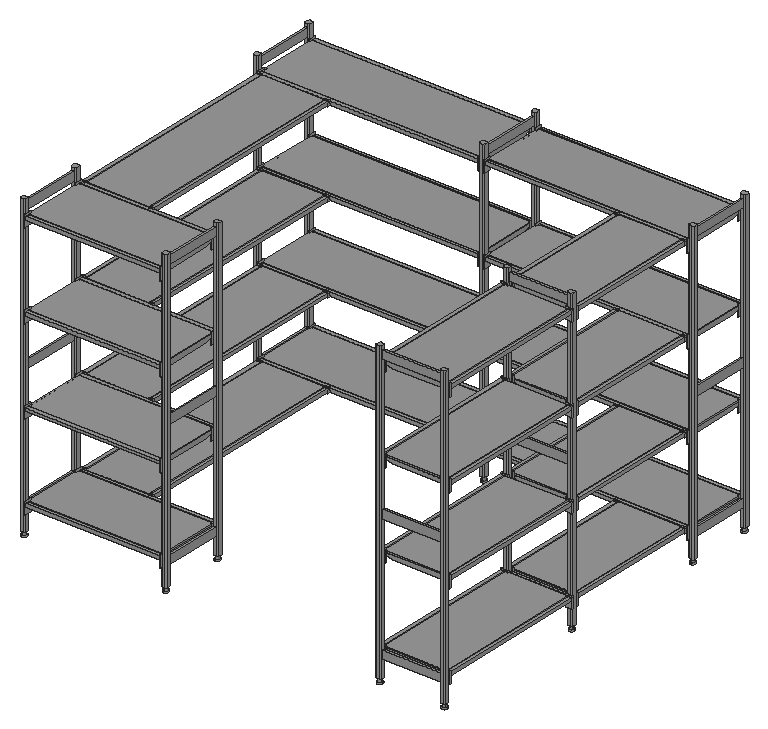
Revit family "QF_ELECTROLUXPROFESSIONAL_137102_CRS2420", category Attrezzature speciali, Revit 2020 (continued)
Definition of nested family "QF_708"
  Lines and regions (mm)
    symbolic lines
      curve 7: line (327, 23, 1700) -> (327, -12.993, 1700)
      curve 8: line (327, -12.993, 1700) -> (323, -12.993, 1700)
      curve 9: line (327, -350, 1700) -> (327, -314.007, 1700)
      curve 10: line (327, -314.007, 1700) -> (323, -314.007, 1700)
      curve 11: line (-385, -12.993, 1700) -> (-385, -314.007, 1700)
      curve 12: line (-385, -331, 1700) -> (323, -331, 1700)
      curve 13: line (323, -12.993, 1700) -> (323, -314.007, 1700)
  Dimensions and locks
    locked: plane 3 "LEFT" to plane 4 "RIGHT" at 772
    equal spacing: plane 3 "LEFT", plane 2 "Center (Left/Right)", plane 4 "RIGHT"
    locked: plane 7 "TOP" to level at 1700
    locked: plane 5 "BACK" to plane 6 "FRONT" at 373
    locked: plane 4 "RIGHT" to plane 8 at 5
    locked: plane 9 to plane 10 at 708
    locked: plane 3 "LEFT" to plane 9 at 32
    plane 12 to plane 10 = 5 mm
    locked: plane 13 to plane 14 at 310
    equal spacing: plane 13, plane 11 "Center (Front/Back)", plane 14
    equal spacing: plane 5 "BACK", plane 11 "Center (Front/Back)", plane 6 "FRONT"
    plane 15 "FEET" to level = 25 mm
    plane 7 "TOP" to plane 15 "FEET" = 1675 mm
    plane 17 to plane 16 = 450 mm
    plane 18 to plane 17 = 450 mm
    plane 19 to plane 18 = 450 mm
    locked: plane 3 "LEFT" to plane 20 "CXLeft" at 14
    locked: plane 21 "CXRight" to plane 4 "RIGHT" at 14
    locked: plane 5 "BACK" to plane 23 "CYBack" at 17.5
    locked: plane 24 "CYFront" to plane 6 "FRONT" at 17.5
    plane 16 to level = 140 mm
    plane 17 to level = 590 mm
    plane 18 to level = 1040 mm
    plane 19 to level = 1490 mm
    aligned and locked: level to plane 1
    aligned and locked: plane 9 to Extrusion 2
    aligned and locked: Extrusion 2 to plane 10
    aligned and locked: plane 9 to Extrusion 1
    aligned and locked: Extrusion 1 to plane 10
    aligned and locked: Extrusion 1 sketch curve to Extrusion 1 sketch curve  (x2)
    aligned and locked: Extrusion 3 sketch curve to Extrusion 3 sketch curve  (x3)
    aligned and locked: Extrusion 3 to plane 12
    aligned and locked: Extrusion 3 to plane 10
    aligned and locked: plane 20 "CXLeft" to nested 1
    aligned and locked: plane 21 "CXRight" to nested 2
  Automatic sketch dimensions
    Extrusion 1 sketch curve to plane 6 "FRONT" = 0 mm  (x4)
    Extrusion 1 sketch curve to plane 5 "BACK" = 0 mm  (x4)
    plane 24 "CYFront" to Extrusion 1 sketch curve = 1.5 mm  (x2)
    plane 22 to Extrusion 1 sketch curve = 1.5 mm  (x4)
    plane 16 to Extrusion 1 sketch curve = 7.998 mm  (x2)
    Extrusion 1 sketch curve to Extrusion 1 sketch curve = 17.997 mm  (x8)
    plane 17 to Extrusion 1 sketch curve = 7.998 mm  (x2)
    plane 18 to Extrusion 1 sketch curve = 7.998 mm  (x2)
    plane 19 to Extrusion 1 sketch curve = 7.998 mm  (x2)
    plane 24 "CYFront" to Extrusion 2 sketch curve = 3.5 mm  (x4)
    plane 22 to Extrusion 2 sketch curve = 3.493 mm  (x4)
    plane 16 to Extrusion 2 sketch curve = 19.496 mm
    Extrusion 2 sketch curve to Extrusion 2 sketch curve = 6.499 mm  (x4)
    plane 17 to Extrusion 2 sketch curve = 19.496 mm
    plane 18 to Extrusion 2 sketch curve = 19.496 mm
    plane 19 to Extrusion 2 sketch curve = 19.496 mm
    plane 24 "CYFront" to Extrusion 3 sketch curve = 1.5 mm  (x4)
    Extrusion 3 sketch curve to Extrusion 3 sketch curve = 2 mm
    plane 14 to Extrusion 3 sketch curve = 3.5 mm  (x4)
    Extrusion 3 sketch curve to plane 16 = 4.006 mm
    Extrusion 3 sketch curve to Extrusion 3 sketch curve = 34 mm  (x4)
    Extrusion 3 sketch curve to plane 17 = 4.006 mm
    Extrusion 3 sketch curve to plane 18 = 4.006 mm
    Extrusion 3 sketch curve to plane 19 = 4.006 mm
    Extrusion 3 sketch curve to plane 13 = 37.5 mm  (x4)
    Extrusion 3 sketch curve to plane 13 = 3.5 mm  (x4)
    plane 22 to Extrusion 3 sketch curve = 3.493 mm  (x4)
    plane 22 to Extrusion 3 sketch curve = 1.5 mm  (x4)
    plane 16 to Extrusion 3 sketch curve = 7.998 mm  (x2)
    Extrusion 3 sketch curve to Extrusion 3 sketch curve = 11.498 mm  (x4)
    Extrusion 3 sketch curve to Extrusion 3 sketch curve = 6.499 mm  (x8)
    plane 17 to Extrusion 3 sketch curve = 7.998 mm  (x2)
    plane 18 to Extrusion 3 sketch curve = 7.998 mm  (x2)
    plane 19 to Extrusion 3 sketch curve = 7.998 mm  (x2)
    curve 6 to plane 6 "FRONT" = 0 mm
    curve 12 to plane 9 = 0 mm
    curve 12 to plane 10 = 0 mm
    curve 5 to plane 14 = 0 mm
    curve 11 to plane 9 = 0 mm
    curve 8 to plane 10 = 0 mm
    curve 4 to plane 13 = 0 mm
    curve 1 to plane 9 = 0 mm
    curve 1 to plane 10 = 0 mm
    curve 2 to plane 5 "BACK" = 0 mm
    plane 14 to curve 10 = 4.493 mm
    curve 7 to plane 13 = 4.493 mm
    curve 10 to plane 10 = 4 mm
    curve 7 to plane 10 = 4 mm
    plane 24 "CYFront" to curve 12 = 1.5 mm
    curve 5 to plane 14 = 6.254 mm
    plane 14 to curve 11 = 4.493 mm
    curve 11 to plane 13 = 4.493 mm
    plane 13 to curve 4 = 6.254 mm
    plane 22 to curve 1 = 1.5 mm
    curve 3 to plane 22 = 7.746 mm
    curve 3 to plane 5 "BACK" = 3.5 mm
    curve 5 to curve 9 = 6.254 mm
    curve 3 to curve 2 = 6.254 mm
    curve 4 to curve 7 = 6.254 mm
    plane 9 to curve 2 = 4 mm
    plane 9 to curve 6 = 4 mm
  Nested families
    nested 1: "WT_Anta373B" at (0, 0, 0), type "WT_Anta373B"
    nested 2: "WT_Anta373B" at (-62, 0, 0) x (-1, 0, 0) z (0, 0, 1), type "WT_Anta373B"
  Definition of nested family "WT_Anta373B"
    Parameters
      WidthLeft = A + 64 mm  # 772 mm
      Width = 1606 mm
      Right = WidthLeft / 2  # 386 mm
      Default Elevation = 0 mm
      Left = -WidthLeft / 2  # -386 mm
      Height = 1590 mm
      FEET = 25 mm
      E = 0 mm
      Dint = Depth - 63 mm  # 310 mm
      Dext = Depth - 8 mm  # 365 mm
      Depth = 373 mm
      DX = (WidthLeft - A) / 2  # 32 mm
      B = 798 mm
      A = 708 mm
    Reference planes
      plane 1: z = 0
      plane 2 "LEFT": x = -417
      plane 3 "BACK": y = 23
      plane 4 "FRONT": y = -350
      plane 5 "TOP": z = 1590
      plane 6 "Center (Front/Back)": y = -163.5
      plane 7: y = -8.5
      plane 8: y = -318.5
      plane 9 "FEET": z = 25
      plane 10: z = 140
      plane 11: z = 590
      plane 12: z = 1040
      plane 13: z = 1490
      plane 14 "CXLeft": x = -403
      plane 15: y = 5.5
      plane 16 "CYBack": y = 5.5
      plane 17 "CYFront": y = -332.5
      plane 18: x = -385.031
      plane 19: x = -380.031
    Forms (mm)
      Extrusion 1, solid
        sketch origin (0, 0, 0) x (1, 0, 0) y (0, 1, 0)
          loop
            line (-417, 13.246) -> (-417, -2.246) -> (-410.746, -8.5) -> (-395.254, -8.5) -> (-389, -2.246) -> (-389, 13.246) -> (-395.254, 19.5) -> (-410.746, 19.5) -> (-417, 13.246)
        from 1590 to 25
      Extrusion 2, solid
        sketch origin (-417, 0, 0) x (0, 1, 0) y (0, 0, 1)
          loop
            line (23, 111.005) -> (23, 172.993) -> (-12.993, 172.993) -> (-12.993, 111.005) -> (23, 111.005)
          loop
            line (-350, 111.005) -> (-314.007, 111.005) -> (-314.007, 172.993) -> (-350, 172.993) -> (-350, 111.005)
          loop
            line (23, 561.005) -> (23, 622.993) -> (-12.993, 622.993) -> (-12.993, 561.005) -> (23, 561.005)
          loop
            line (-350, 561.005) -> (-314.007, 561.005) -> (-314.007, 622.993) -> (-350, 622.993) -> (-350, 561.005)
          loop
            line (23, 1011.005) -> (23, 1072.993) -> (-12.993, 1072.993) -> (-12.993, 1011.005) -> (23, 1011.005)
          loop
            line (-350, 1011.005) -> (-314.007, 1011.005) -> (-314.007, 1072.993) -> (-350, 1072.993) -> (-350, 1011.005)
          loop
            line (23, 1461.005) -> (23, 1522.993) -> (-12.993, 1522.993) -> (-12.993, 1461.005) -> (23, 1461.005)
          loop
            line (-350, 1461.005) -> (-314.007, 1461.005) -> (-314.007, 1522.993) -> (-350, 1522.993) -> (-350, 1461.005)
        from 28 to 32
      Revolve 3, solid
        sketch origin (-403, 0, 0) x (0, 1, 0) y (0, 0, 1)
          loop
            line (5.5, 25) -> (5.5, 0) -> (19, 0) -> (19, 5) -> (14, 5) -> (14, 25) -> (5.5, 25)
          axis (5.5, 25) -> (5.5, 0)
        angle from 0 to 360
      Extrusion 4, solid
        sketch origin (-403, 0, 0) x (0, 1, 0) y (0, 0, 1)
          loop
            line (-8.5, 777.382) -> (-8.5, 822.374) -> (-318.5, 822.374) -> (-318.5, 777.382) -> (-8.5, 777.382)
          loop
            line (-8.5, 1527.244) -> (-8.5, 1572.236) -> (-318.5, 1572.236) -> (-318.5, 1527.244) -> (-8.5, 1527.244)
        from -5 to 5
      Revolve 5, solid
        sketch origin (-403, -627, 0) x (0, -1, 0) y (0, 0, 1)
          loop
            line (-294.5, 25) -> (-294.5, 0) -> (-281, 0) -> (-281, 5) -> (-286, 5) -> (-286, 25) -> (-294.5, 25)
          axis (-294.5, 25) -> (-294.5, 0)
        angle from 0 to 360
      Extrusion 6, solid
        sketch origin (0, -627, 0) x (1, 0, 0) y (0, 1, 0)
          loop
            line (-417, 286.754) -> (-410.746, 280.5) -> (-395.254, 280.5) -> (-389, 286.754) -> (-389, 302.246) -> (-395.254, 308.5) -> (-410.746, 308.5) -> (-417, 302.246) -> (-417, 286.754)
        from 1590 to 25
      Extrusion 7, solid
        sketch origin (-417.031, -0.022, 0) x (0, 1, 0) y (0, 0, -1)
          loop
            line (-12, -1497.998) -> (-46, -1485.994) -> (-281, -1485.994) -> (-315, -1497.998) -> (-331, -1497.998) -> (-331, -1515.994) -> (-329, -1515.994) -> (-329, -1509.496) -> (2.007, -1509.496) -> (2.007, -1515.994) -> (4, -1515.994) -> (4, -1497.998) -> (-12, -1497.998)
          loop
            line (-12, -1047.998) -> (-46, -1035.994) -> (-281, -1035.994) -> (-315, -1047.998) -> (-331, -1047.998) -> (-331, -1065.994) -> (-329, -1065.994) -> (-329, -1059.496) -> (2.007, -1059.496) -> (2.007, -1065.994) -> (4, -1065.994) -> (4, -1047.998) -> (-12, -1047.998)
          loop
            line (-12, -597.998) -> (-46, -585.994) -> (-281, -585.994) -> (-315, -597.998) -> (-331, -597.998) -> (-331, -615.994) -> (-329, -615.994) -> (-329, -609.496) -> (2.007, -609.496) -> (2.007, -615.994) -> (4, -615.994) -> (4, -597.998) -> (-12, -597.998)
          loop
            line (-12, -147.998) -> (-46, -135.994) -> (-281, -135.994) -> (-315, -147.998) -> (-331, -147.998) -> (-331, -165.994) -> (-329, -165.994) -> (-329, -159.496) -> (2.007, -159.496) -> (2.007, -165.994) -> (4, -165.994) -> (4, -147.998) -> (-12, -147.998)
        from -32 to -37
      Extrusion 8, solid
        sketch origin (-403, 0, -659.878) x (0, 1, 0) y (0, 0, 1)
          loop
            line (-8.5, 777.382) -> (-8.5, 822.374) -> (-318.5, 822.374) -> (-318.5, 777.382) -> (-8.5, 777.382)
          loop
            line (-8.5, 1437.382) -> (-8.5, 1482.374) -> (-318.5, 1482.374) -> (-318.5, 1437.382) -> (-8.5, 1437.382)
          loop
            line (-8.5, 2187.382) -> (-8.5, 2232.374) -> (-318.5, 2232.374) -> (-318.5, 2187.382) -> (-8.5, 2187.382)
        from -5 to 5
    Lines and regions (mm)
      symbolic lines
        curve 1: line (-408, -8.5, 1590) -> (-408, -318.5, 1590)
        curve 2: line (-398, -318.5, 1590) -> (-398, -8.5, 1590)
        curve 3: line (-395.254, -8.5, 1590) -> (-410.746, -8.5, 1590)
        curve 4: line (-417, -2.246, 1590) -> (-410.746, -8.5, 1590)
        curve 5: line (-417, 13.246, 1590) -> (-417, -2.246, 1590)
        curve 6: line (-410.746, 19.5, 1590) -> (-417, 13.246, 1590)
        curve 7: line (-395.254, 19.5, 1590) -> (-410.746, 19.5, 1590)
        curve 8: line (-389, 13.246, 1590) -> (-395.254, 19.5, 1590)
        curve 9: line (-395.254, -8.5, 1590) -> (-389, -2.246, 1590)
        curve 10: line (-395.254, -318.5, 1590) -> (-410.746, -318.5, 1590)
        curve 11: line (-417, -324.754, 1590) -> (-410.746, -318.5, 1590)
        curve 12: line (-410.746, -346.5, 1590) -> (-417, -340.246, 1590)
        curve 13: line (-395.254, -346.5, 1590) -> (-410.746, -346.5, 1590)
        curve 14: line (-389, -340.246, 1590) -> (-395.254, -346.5, 1590)
        curve 15: line (-395.254, -318.5, 1590) -> (-389, -324.754, 1590)
        curve 16: line (-389, -350, 1590) -> (-389, -314.007, 1590)
        curve 17: line (-389, -314.007, 1590) -> (-385, -314.007, 1590)
        curve 18: line (-389, 23, 1590) -> (-389, -12.993, 1590)
        curve 19: line (-389, -12.993, 1590) -> (-385, -12.993, 1590)
        curve 20: line (-417, -324.754, 1590) -> (-417, -340.246, 1590)
        curve 21: line (-385, -350, 1590) -> (-385, -314.007, 1590)
        curve 22: line (-385, -350, 1590) -> (-389, -350, 1590)
        curve 23: line (-385, 23, 1590) -> (-389, 23, 1590)
        curve 24: line (-385, -12.993, 1590) -> (-385, 23, 1590)
        curve 25: line (-385.031, -13.016, 1725) -> (-385.031, -314.029, 1725)
    Dimensions and locks
      "Depth": plane 3 "BACK" to plane 4 "FRONT"
      "Dint": plane 7 to plane 8
      equal spacing: plane 7, plane 6 "Center (Front/Back)", plane 8
      equal spacing: plane 3 "BACK", plane 6 "Center (Front/Back)", plane 4 "FRONT"
      plane 9 "FEET" to level = 25 mm
      plane 10 to plane 9 "FEET" = 115 mm
      plane 11 to plane 10 = 450 mm
      plane 12 to plane 11 = 450 mm
      plane 13 to plane 12 = 450 mm
      locked: plane 2 "LEFT" to plane 14 "CXLeft" at 14
      locked: plane 3 "BACK" to plane 16 "CYBack" at 17.5
      locked: plane 17 "CYFront" to plane 4 "FRONT" at 17.5
      locked: Revolve 3 sketch curve to Revolve 3 sketch curve at 8.5
      locked: Revolve 3 sketch curve to plane 16 "CYBack" at 13.5
      locked: Revolve 5 sketch curve to Revolve 5 sketch curve at 8.5
      plane 10 to level = 140 mm
      plane 11 to level = 590 mm
      plane 12 to level = 1040 mm
      plane 13 to level = 1490 mm
      "Height": plane 5 "TOP" to level
      aligned and locked: level to plane 1
      aligned and locked: curve 20 to Extrusion 6
      aligned and locked: plane 5 "TOP" to Extrusion 1
      aligned and locked: plane 5 "TOP" to Extrusion 6
      aligned and locked: Extrusion 7 sketch curve to Extrusion 7 sketch curve  (x3)
    Automatic sketch dimensions
      curve 16 to plane 4 "FRONT" = 0 mm
      curve 11 to plane 8 = 0 mm
      curve 9 to plane 7 = 0 mm
      curve 5 to plane 2 "LEFT" = 0 mm
      curve 23 to plane 3 "BACK" = 0 mm
      plane 4 "FRONT" to curve 13 = 3.5 mm
      curve 20 to plane 17 "CYFront" = 7.746 mm
      curve 20 to plane 8 = 6.254 mm
      plane 8 to curve 16 = 4.493 mm
      curve 24 to plane 18 = 0.031 mm
      curve 24 to plane 7 = 4.493 mm
      plane 7 to curve 5 = 6.254 mm
      curve 5 to plane 15 = 7.746 mm
      curve 6 to plane 3 "BACK" = 3.5 mm
      curve 21 to plane 18 = 0.031 mm
      plane 18 to curve 23 = 3.969 mm
      plane 18 to curve 16 = 3.969 mm
      curve 18 to curve 8 = 6.254 mm
      curve 18 to curve 3 = 6.254 mm
      curve 16 to curve 13 = 6.254 mm
      curve 16 to curve 15 = 6.254 mm
      plane 2 "LEFT" to curve 10 = 6.254 mm
      plane 2 "LEFT" to curve 7 = 6.254 mm
      plane 2 "LEFT" to curve 12 = 6.254 mm
      plane 2 "LEFT" to curve 3 = 6.254 mm
      curve 14 to plane 17 "CYFront" = 7.746 mm
      curve 15 to plane 8 = 6.254 mm
      plane 7 to curve 9 = 6.254 mm
      curve 8 to plane 15 = 7.746 mm
      curve 3 to curve 2 = 2.746 mm
      curve 1 to curve 10 = 2.746 mm
      Extrusion 1 sketch curve to plane 2 "LEFT" = 0 mm
      Extrusion 1 sketch curve to plane 7 = 0 mm
      plane 2 "LEFT" to Extrusion 1 sketch curve = 6.254 mm  (x2)
      plane 14 "CXLeft" to Extrusion 1 sketch curve = 7.746 mm  (x2)
      Extrusion 1 sketch curve to plane 3 "BACK" = 3.5 mm
      plane 18 to Extrusion 1 sketch curve = 3.969 mm
      plane 7 to Extrusion 1 sketch curve = 6.254 mm  (x2)
      Extrusion 1 sketch curve to plane 15 = 7.746 mm  (x2)
      Extrusion 2 sketch curve to plane 4 "FRONT" = 0 mm  (x4)
      Extrusion 2 sketch curve to plane 3 "BACK" = 0 mm  (x4)
      plane 8 to Extrusion 2 sketch curve = 4.493 mm  (x4)
      Extrusion 2 sketch curve to plane 7 = 4.493 mm  (x4)
      Extrusion 2 sketch curve to plane 10 = 28.995 mm  (x2)
      plane 10 to Extrusion 2 sketch curve = 32.993 mm  (x2)
      Extrusion 2 sketch curve to plane 11 = 28.995 mm  (x2)
      plane 11 to Extrusion 2 sketch curve = 32.993 mm  (x2)
      Extrusion 2 sketch curve to plane 12 = 28.995 mm  (x2)
      plane 12 to Extrusion 2 sketch curve = 32.993 mm  (x2)
      Extrusion 2 sketch curve to plane 13 = 28.995 mm  (x2)
      plane 13 to Extrusion 2 sketch curve = 32.993 mm  (x2)
      Revolve 3 sketch curve to plane 9 "FEET" = 0 mm  (x2)
      Revolve 3 sketch curve to plane 15 = 0 mm  (x2)
      Revolve 3 sketch curve to level = 0 mm
      level to Revolve 3 sketch curve = 5 mm
      Revolve 3 sketch curve to Revolve 3 sketch curve = 11.655 mm
      Extrusion 4 sketch curve to plane 8 = 0 mm  (x2)
      Extrusion 4 sketch curve to plane 7 = 0 mm  (x2)
      plane 11 to Extrusion 4 sketch curve = 187.382 mm
      Extrusion 4 sketch curve to Extrusion 4 sketch curve = 44.992 mm
      plane 13 to Extrusion 4 sketch curve = 37.244 mm
      Extrusion 4 sketch curve to plane 5 "TOP" = 17.764 mm
      Revolve 5 sketch curve to plane 9 "FEET" = 0 mm  (x2)
      Revolve 5 sketch curve to plane 17 "CYFront" = 0 mm  (x2)
      Revolve 5 sketch curve to level = 0 mm
      Revolve 5 sketch curve to plane 4 "FRONT" = 4 mm
      Revolve 5 sketch curve to Revolve 5 sketch curve = 5 mm
      level to Revolve 5 sketch curve = 11.655 mm
      Extrusion 6 sketch curve to plane 2 "LEFT" = 0 mm
      Extrusion 6 sketch curve to plane 8 = 0 mm
      Extrusion 6 sketch curve to plane 2 "LEFT" = 6.254 mm  (x2)
      Extrusion 6 sketch curve to plane 14 "CXLeft" = 7.746 mm  (x2)
      Extrusion 6 sketch curve to plane 4 "FRONT" = 3.5 mm
      Extrusion 6 sketch curve to plane 18 = 3.969 mm
      plane 8 to Extrusion 6 sketch curve = 6.254 mm  (x2)
      plane 17 "CYFront" to Extrusion 6 sketch curve = 7.746 mm  (x2)
      plane 17 "CYFront" to Extrusion 7 sketch curve = 1.478 mm  (x4)
      Extrusion 7 sketch curve to Extrusion 7 sketch curve = 2 mm
      plane 8 to Extrusion 7 sketch curve = 3.478 mm  (x4)
      Extrusion 7 sketch curve to plane 10 = 4.006 mm
      Extrusion 7 sketch curve to Extrusion 7 sketch curve = 34 mm  (x4)
      Extrusion 7 sketch curve to plane 11 = 4.006 mm
      Extrusion 7 sketch curve to plane 12 = 4.006 mm
      Extrusion 7 sketch curve to plane 13 = 4.006 mm
      Extrusion 7 sketch curve to plane 7 = 37.522 mm  (x4)
      Extrusion 7 sketch curve to plane 7 = 3.522 mm  (x4)
      plane 15 to Extrusion 7 sketch curve = 3.516 mm  (x4)
      plane 15 to Extrusion 7 sketch curve = 1.522 mm  (x4)
      plane 13 to Extrusion 7 sketch curve = 7.998 mm  (x2)
      Extrusion 7 sketch curve to Extrusion 7 sketch curve = 11.498 mm
      Extrusion 7 sketch curve to Extrusion 7 sketch curve = 6.499 mm  (x5)
      plane 12 to Extrusion 7 sketch curve = 25.994 mm  (x2)
      plane 12 to Extrusion 7 sketch curve = 7.998 mm  (x2)
      plane 11 to Extrusion 7 sketch curve = 25.994 mm  (x2)
      plane 11 to Extrusion 7 sketch curve = 7.998 mm  (x2)
      plane 10 to Extrusion 7 sketch curve = 25.994 mm  (x2)
      plane 10 to Extrusion 7 sketch curve = 7.998 mm  (x2)
      curve 25 to plane 18 = 0 mm
      plane 8 to curve 25 = 4.471 mm
      curve 25 to plane 7 = 4.516 mm
      Extrusion 8 sketch curve to plane 8 = 0 mm  (x3)
      Extrusion 8 sketch curve to plane 7 = 0 mm  (x3)
      Extrusion 8 sketch curve to plane 10 = 22.496 mm
      plane 10 to Extrusion 8 sketch curve = 22.496 mm
      plane 11 to Extrusion 8 sketch curve = 187.504 mm
      Extrusion 8 sketch curve to Extrusion 8 sketch curve = 44.992 mm
      plane 13 to Extrusion 8 sketch curve = 37.504 mm
      Extrusion 8 sketch curve to plane 5 "TOP" = 17.504 mm
Definition of nested family "QF_1152G2"
  Parameters
    Default Elevation = 0 mm
    Model = "137035"
    Manufacturer = "Electrolux Professional"
    Description = ""
  Reference planes
    plane 1: z = 0
    plane 2 "Center (F/B)": y = -163.5
    plane 3 "Front": y = -549.5
    plane 4 "Left": x = -217.5
    plane 5 "Right": x = 155.5
    plane 6 "TOP": z = 1700
    plane 7: y = -517.5
    plane 8: y = 634.5
    plane 9 "Center (Left/Right)": x = -31
    plane 10: y = 629.5
    plane 11: x = -186
    plane 12: x = 124
    plane 13 "FEET": z = 25
    plane 14: z = 140
    plane 15: z = 590
    plane 16: z = 1040
    plane 17: z = 1490
    plane 18 "CXLeft": y = -535.5
    plane 19: x = -200
    plane 20 "CYBack": x = -200
    plane 21 "CYFront": x = 138
    plane 22 "Back": y = 638.5
    plane 23 "LEFT_ORIGIN": x = -251.5
    plane 24 "BACK_Origin": y = 1011.5
  Forms (mm)
    Extrusion 1, solid
      sketch origin (0, -549.5, 0) x (-1, 0, 0) y (0, 0, 1)
        loop
          line (198.5, 1515.994) -> (198.5, 1497.998) -> (217.5, 1497.998) -> (217.5, 1515.994) -> (198.5, 1515.994)
        loop
          line (-136.5, 1515.994) -> (-155.5, 1515.994) -> (-155.5, 1497.998) -> (-136.5, 1497.998) -> (-136.5, 1515.994)
        loop
          line (198.5, 1065.994) -> (198.5, 1047.998) -> (217.5, 1047.998) -> (217.5, 1065.994) -> (198.5, 1065.994)
        loop
          line (-136.5, 1065.994) -> (-155.5, 1065.994) -> (-155.5, 1047.998) -> (-136.5, 1047.998) -> (-136.5, 1065.994)
        loop
          line (198.5, 615.994) -> (198.5, 597.998) -> (217.5, 597.998) -> (217.5, 615.994) -> (198.5, 615.994)
        loop
          line (-136.5, 615.994) -> (-155.5, 615.994) -> (-155.5, 597.998) -> (-136.5, 597.998) -> (-136.5, 615.994)
        loop
          line (198.5, 165.994) -> (198.5, 147.998) -> (217.5, 147.998) -> (217.5, 165.994) -> (198.5, 165.994)
        loop
          line (-136.5, 165.994) -> (-155.5, 165.994) -> (-155.5, 147.998) -> (-136.5, 147.998) -> (-136.5, 165.994)
      from 32 to 1184
    Extrusion 2, solid
      sketch origin (0, -549.5, 0) x (-1, 0, 0) y (0, 0, 1)
        loop
          line (196.507, 1515.994) -> (-134.5, 1515.994) -> (-134.5, 1509.496) -> (196.507, 1509.496) -> (196.507, 1515.994)
        loop
          line (196.507, 1065.994) -> (-134.5, 1065.994) -> (-134.5, 1059.496) -> (196.507, 1059.496) -> (196.507, 1065.994)
        loop
          line (196.507, 615.994) -> (-134.5, 615.994) -> (-134.5, 609.496) -> (196.507, 609.496) -> (196.507, 615.994)
        loop
          line (196.507, 165.994) -> (-134.5, 165.994) -> (-134.5, 159.496) -> (196.507, 159.496) -> (196.507, 165.994)
      from 32 to 1184
  Lines and regions (mm)
    symbolic lines
      curve 1: line (-198.5, 634.5, 1700) -> (-198.5, -517.5, 1700)
      curve 2: line (-217.5, -521.5, 1700) -> (-217.5, 634.5, 1700)
      curve 3: line (155.5, -521.5, 1700) -> (155.5, 634.5, 1700)
      curve 4: line (-181.507, -517.5, 1700) -> (119.507, -517.5, 1700)
      curve 5: line (136.5, -517.5, 1700) -> (136.5, 634.5, 1700)
      curve 6: line (-198.5, 634.5, 1700) -> (136.5, 634.5, 1700)
  Dimensions and locks
    plane 3 "Front" to plane 2 "Center (F/B)" = 386 mm
    locked: plane 4 "Left" to plane 5 "Right" at 373
    locked: plane 7 to plane 8 at 1152
    locked: plane 3 "Front" to plane 7 at 32
    plane 10 to plane 8 = 5 mm
    locked: plane 11 to plane 12 at 310
    equal spacing: plane 11, plane 9 "Center (Left/Right)", plane 12
    equal spacing: plane 4 "Left", plane 9 "Center (Left/Right)", plane 5 "Right"
    locked: plane 3 "Front" to plane 18 "CXLeft" at 14
    locked: plane 3 "Front" to plane 22 "Back" at 1188
    plane 23 "LEFT_ORIGIN" to plane 5 "Right" = 407 mm
    locked: plane 22 "Back" to plane 24 "BACK_Origin" at 373
    plane 14 to level = 140 mm
    plane 15 to level = 590 mm
    plane 16 to level = 1040 mm
    locked: plane 6 "TOP" to level at 1700
    plane 17 to level = 1490 mm
    plane 13 "FEET" to level = 25 mm
    aligned and locked: level to plane 1
    aligned and locked: Extrusion 2 to plane 7
    aligned and locked: plane 8 to Extrusion 2
    aligned and locked: Extrusion 1 to plane 7
    aligned and locked: plane 8 to Extrusion 1
    aligned and locked: Extrusion 1 sketch curve to Extrusion 1 sketch curve  (x2)
    aligned and locked: nested 1 to plane 10
  Automatic sketch dimensions
    curve 2 to plane 4 "Left" = 0 mm
    curve 3 to plane 5 "Right" = 0 mm
    plane 7 to curve 1 = 0 mm
    plane 7 to curve 4 = 0 mm
    plane 7 to curve 5 = 0 mm
    plane 8 to curve 2 = 0 mm
    plane 8 to curve 1 = 0 mm
    plane 8 to curve 3 = 0 mm
    plane 21 "CYFront" to curve 5 = 1.5 mm
    plane 19 to curve 6 = 1.5 mm
    plane 7 to curve 3 = 4 mm
    plane 7 to curve 2 = 4 mm
    plane 12 to curve 4 = 4.493 mm
    curve 4 to plane 11 = 4.493 mm
    plane 5 "Right" to Extrusion 1 sketch curve = 0 mm  (x4)
    plane 4 "Left" to Extrusion 1 sketch curve = 0 mm  (x4)
    plane 21 "CYFront" to Extrusion 1 sketch curve = 1.5 mm  (x2)
    plane 19 to Extrusion 1 sketch curve = 1.5 mm  (x4)
    plane 14 to Extrusion 1 sketch curve = 7.998 mm  (x2)
    Extrusion 1 sketch curve to Extrusion 1 sketch curve = 17.997 mm  (x8)
    plane 15 to Extrusion 1 sketch curve = 7.998 mm  (x2)
    plane 16 to Extrusion 1 sketch curve = 7.998 mm  (x2)
    plane 17 to Extrusion 1 sketch curve = 7.998 mm  (x2)
    plane 21 "CYFront" to Extrusion 2 sketch curve = 3.5 mm  (x4)
    plane 19 to Extrusion 2 sketch curve = 3.493 mm  (x4)
    plane 14 to Extrusion 2 sketch curve = 19.496 mm
    Extrusion 2 sketch curve to Extrusion 2 sketch curve = 6.499 mm  (x4)
    plane 15 to Extrusion 2 sketch curve = 19.496 mm
    plane 16 to Extrusion 2 sketch curve = 19.496 mm
    plane 17 to Extrusion 2 sketch curve = 19.496 mm
  Nested families
    nested 1: "WT_Aggancio373B" at (-194.5, 1046.5, 0) x (0, 1, 0) z (0, 0, 1), type "WT_Aggancio373B"
    nested 2: "WT_Aggancio373B" at (-194.5, -929.5, 0) x (0, -1, 0) z (0, 0, 1), type "WT_Aggancio373B"
  Definition of nested family "WT_Aggancio373B"
    Parameters
      WidthLeft = A + 64 mm  # 772 mm
      Width = 1606 mm
      Right = WidthLeft / 2  # 386 mm
      Default Elevation = 0 mm
      Left = -WidthLeft / 2  # -386 mm
      Height = 1590 mm
      FEET = 25 mm
      E = 0 mm
      Dint = Depth - 63 mm  # 310 mm
      Dext = Depth - 8 mm  # 365 mm
      Depth = 373 mm
      DX = (WidthLeft - A) / 2  # 32 mm
      B = 798 mm
      A = 708 mm
    Reference planes
      plane 1: z = 0
      plane 2 "LEFT": x = -417
      plane 3 "BACK": y = 23
      plane 4 "FRONT": y = -350
      plane 5 "TOP": z = 1590
      plane 6 "Center (Front/Back)": y = -163.5
      plane 7: y = -8.5
      plane 8: y = -318.5
      plane 9 "FEET": z = 25
      plane 10: z = 140
      plane 11: z = 590
      plane 12: z = 1040
      plane 13: z = 1490
      plane 14: y = 5.5
      plane 15 "CYBack": y = 5.5
      plane 16 "CYFront": y = -332.5
    Forms (mm)
      Extrusion 1, solid
        sketch origin (-380, -0.022, 0) x (0, 1, 0) y (0, 0, 1)
          loop
            line (-12, 1497.998) -> (4, 1497.998) -> (4, 1515.994) -> (2.007, 1515.994) -> (2.007, 1509.496) -> (-329, 1509.496) -> (-329, 1515.994) -> (-331, 1515.994) -> (-331, 1497.998) -> (-315, 1497.998) -> (-281, 1485.994) -> (-46, 1485.994) -> (-12, 1497.998)
          loop
            line (-12, 1047.998) -> (4, 1047.998) -> (4, 1065.994) -> (2.007, 1065.994) -> (2.007, 1059.496) -> (-329, 1059.496) -> (-329, 1065.994) -> (-331, 1065.994) -> (-331, 1047.998) -> (-315, 1047.998) -> (-281, 1035.994) -> (-46, 1035.994) -> (-12, 1047.998)
          loop
            line (-12, 597.998) -> (4, 597.998) -> (4, 615.994) -> (2.007, 615.994) -> (2.007, 609.496) -> (-329, 609.496) -> (-329, 615.994) -> (-331, 615.994) -> (-331, 597.998) -> (-315, 597.998) -> (-281, 585.994) -> (-46, 585.994) -> (-12, 597.998)
          loop
            line (-12, 147.998) -> (4, 147.998) -> (4, 165.994) -> (2.007, 165.994) -> (2.007, 159.496) -> (-329, 159.496) -> (-329, 165.994) -> (-331, 165.994) -> (-331, 147.998) -> (-315, 147.998) -> (-281, 135.994) -> (-46, 135.994) -> (-12, 147.998)
        from -32 to -37
      Extrusion 2, solid
        sketch origin (-793.062, -324.754, 6.5) x (1, 0, 0) y (0, 0, 1)
          loop
            line (385.062, 1509.496) -> (385.062, 1512.496) -> (376.062, 1512.496) -> (376.062, 1485.994) -> (390.031, 1485.994) -> (390.031, 1491.496) -> (381.062, 1491.496) -> (381.062, 1509.496) -> (385.062, 1509.496)
          loop
            line (385.062, 1059.496) -> (385.062, 1062.496) -> (376.062, 1062.496) -> (376.062, 1035.994) -> (390.031, 1035.994) -> (390.031, 1041.496) -> (381.062, 1041.496) -> (381.062, 1059.496) -> (385.062, 1059.496)
          loop
            line (385.062, 609.496) -> (385.062, 612.496) -> (376.062, 612.496) -> (376.062, 585.994) -> (390.031, 585.994) -> (390.031, 591.496) -> (381.062, 591.496) -> (381.062, 609.496) -> (385.062, 609.496)
          loop
            line (385.062, 159.496) -> (385.062, 162.496) -> (376.062, 162.496) -> (376.062, 135.994) -> (390.031, 135.994) -> (390.031, 141.496) -> (381.062, 141.496) -> (381.062, 159.496) -> (385.062, 159.496)
        from 6.268 to 25.246
      Extrusion 3, solid
        sketch origin (-793.062, 32.754, 6.5) x (1, 0, 0) y (0, 0, 1)
          loop
            line (385.062, 1509.496) -> (385.062, 1512.496) -> (376.062, 1512.496) -> (376.062, 1485.994) -> (390.031, 1485.994) -> (390.031, 1491.496) -> (381.062, 1491.496) -> (381.062, 1509.496) -> (385.062, 1509.496)
          loop
            line (385.062, 1059.496) -> (385.062, 1062.496) -> (376.062, 1062.496) -> (376.062, 1035.994) -> (390.031, 1035.994) -> (390.031, 1041.496) -> (381.062, 1041.496) -> (381.062, 1059.496) -> (385.062, 1059.496)
          loop
            line (385.062, 609.496) -> (385.062, 612.496) -> (376.062, 612.496) -> (376.062, 585.994) -> (390.031, 585.994) -> (390.031, 591.496) -> (381.062, 591.496) -> (381.062, 609.496) -> (385.062, 609.496)
          loop
            line (385.062, 159.496) -> (385.062, 162.496) -> (376.062, 162.496) -> (376.062, 135.994) -> (390.031, 135.994) -> (390.031, 141.496) -> (381.062, 141.496) -> (381.062, 159.496) -> (385.062, 159.496)
        from 9.754 to 28.776
    Lines and regions (mm)
      symbolic lines
        curve 1: line (-412, -350, 0) -> (-408, -350, 0)
        curve 2: line (-412, -331.022, 0) -> (-412, -350, 0)
        curve 3: line (-408, -331.022, 0) -> (-412, -331.022, 0)
        curve 4: line (-408, -350, 0) -> (-408, -331.022, 0)
        curve 5: line (-412, 3.978, 0) -> (-408, 3.978, 0)
        curve 6: line (-412, 23, 0) -> (-412, 3.978, 0)
        curve 7: line (-408, 23, 0) -> (-412, 23, 0)
        curve 8: line (-408, 3.978, 0) -> (-408, 23, 0)
    Dimensions and locks
      "Height": plane 5 "TOP" to level
      "Depth": plane 3 "BACK" to plane 4 "FRONT"
      "Dint": plane 7 to plane 8
      equal spacing: plane 7, plane 6 "Center (Front/Back)", plane 8
      equal spacing: plane 3 "BACK", plane 6 "Center (Front/Back)", plane 4 "FRONT"
      plane 9 "FEET" to level = 25 mm
      plane 10 to plane 9 "FEET" = 115 mm
      locked: plane 11 to plane 10 at 450
      locked: plane 12 to plane 11 at 450
      locked: plane 13 to plane 12 at 450
      locked: plane 3 "BACK" to plane 15 "CYBack" at 17.5
      locked: plane 16 "CYFront" to plane 4 "FRONT" at 17.5
      aligned and locked: level to plane 1
      aligned and locked: Extrusion 1 sketch curve to Extrusion 1 sketch curve  (x3)
    Automatic sketch dimensions
      plane 16 "CYFront" to Extrusion 1 sketch curve = 1.478 mm  (x4)
      Extrusion 1 sketch curve to Extrusion 1 sketch curve = 2 mm
      plane 8 to Extrusion 1 sketch curve = 3.478 mm  (x4)
      Extrusion 1 sketch curve to plane 10 = 4.006 mm
      Extrusion 1 sketch curve to Extrusion 1 sketch curve = 34 mm  (x4)
      Extrusion 1 sketch curve to plane 11 = 4.006 mm
      Extrusion 1 sketch curve to plane 12 = 4.006 mm
      Extrusion 1 sketch curve to plane 13 = 4.006 mm
      Extrusion 1 sketch curve to plane 7 = 37.522 mm  (x4)
      Extrusion 1 sketch curve to plane 7 = 3.522 mm  (x4)
      plane 14 to Extrusion 1 sketch curve = 3.516 mm  (x4)
      plane 14 to Extrusion 1 sketch curve = 1.522 mm  (x4)
      plane 10 to Extrusion 1 sketch curve = 7.998 mm  (x2)
      Extrusion 1 sketch curve to Extrusion 1 sketch curve = 11.498 mm  (x4)
      Extrusion 1 sketch curve to Extrusion 1 sketch curve = 6.499 mm  (x8)
      plane 11 to Extrusion 1 sketch curve = 7.998 mm  (x2)
      plane 12 to Extrusion 1 sketch curve = 7.998 mm  (x2)
      plane 13 to Extrusion 1 sketch curve = 7.998 mm  (x2)
      plane 2 "LEFT" to Extrusion 2 sketch curve = 0 mm  (x4)
      plane 13 to Extrusion 2 sketch curve = 7.996 mm
      plane 11 to Extrusion 2 sketch curve = 7.996 mm
      Extrusion 2 sketch curve to Extrusion 2 sketch curve = 5 mm  (x4)
      plane 11 to Extrusion 2 sketch curve = 2.494 mm
      plane 10 to Extrusion 2 sketch curve = 28.996 mm
      Extrusion 2 sketch curve to Extrusion 2 sketch curve = 3 mm  (x4)
      plane 10 to Extrusion 2 sketch curve = 7.996 mm
      plane 10 to Extrusion 2 sketch curve = 2.494 mm
      Extrusion 2 sketch curve to Extrusion 2 sketch curve = 18 mm  (x3)
      plane 12 to Extrusion 2 sketch curve = 2.494 mm
      plane 12 to Extrusion 2 sketch curve = 7.996 mm
      plane 13 to Extrusion 2 sketch curve = 2.494 mm
      plane 2 "LEFT" to Extrusion 3 sketch curve = 0 mm  (x4)
      plane 13 to Extrusion 3 sketch curve = 7.996 mm
      plane 11 to Extrusion 3 sketch curve = 7.996 mm
      Extrusion 3 sketch curve to Extrusion 3 sketch curve = 5 mm  (x4)
      plane 11 to Extrusion 3 sketch curve = 2.494 mm
      plane 10 to Extrusion 3 sketch curve = 28.996 mm
      Extrusion 3 sketch curve to Extrusion 3 sketch curve = 3 mm  (x4)
      plane 10 to Extrusion 3 sketch curve = 7.996 mm
      plane 10 to Extrusion 3 sketch curve = 2.494 mm
      Extrusion 3 sketch curve to Extrusion 3 sketch curve = 18 mm  (x3)
      plane 12 to Extrusion 3 sketch curve = 2.494 mm
      plane 12 to Extrusion 3 sketch curve = 7.996 mm
      plane 13 to Extrusion 3 sketch curve = 2.494 mm
      plane 2 "LEFT" to curve 1 = 5 mm
      plane 2 "LEFT" to curve 7 = 5 mm
      curve 1 to plane 16 "CYFront" = 17.5 mm
      curve 3 to plane 8 = 12.522 mm
      plane 7 to curve 5 = 12.478 mm
      curve 7 to plane 14 = 17.5 mm
      curve 5 to curve 5 = 4 mm
      curve 1 to curve 4 = 4 mm
      Extrusion 2 sketch curve to Extrusion 2 sketch curve = 4 mm  (x4)
      Extrusion 2 sketch curve to Extrusion 2 sketch curve = 8.969 mm  (x4)
      Extrusion 3 sketch curve to Extrusion 3 sketch curve = 4 mm  (x4)
      Extrusion 3 sketch curve to Extrusion 3 sketch curve = 8.969 mm  (x4)
Definition of nested family "QF_708G"
  Parameters
    Default Elevation = 0 mm
    Model = "137030"
    Manufacturer = "Electrolux Professional"
    Description = ""
  Reference planes
    plane 1: z = 0
    plane 2 "Center (F/B)": y = -163.5
    plane 3 "Front": y = -549.5
    plane 4 "Left": x = -217.5
    plane 5 "Right": x = 155.5
    plane 6 "TOP": z = 1700
    plane 7: y = -517.5
    plane 8: y = 190.5
    plane 9 "Center (Left/Right)": x = -31
    plane 10: y = 185.5
    plane 11: x = -186
    plane 12: x = 124
    plane 13 "FEET": z = 25
    plane 14: z = 140
    plane 15: z = 590
    plane 16: z = 1040
    plane 17: z = 1490
    plane 18 "CXLeft": y = -535.5
    plane 19: x = -200
    plane 20 "CYBack": x = -200
    plane 21 "CYFront": x = 138
    plane 22 "Back": y = 194.5
    plane 23 "LEFT_ORIGIN": x = -251.5
    plane 24 "BACK_Origin": y = 567.5
  Forms (mm)
    Extrusion 1, solid
      sketch origin (0, -549.5, 0) x (-1, 0, 0) y (0, 0, 1)
        loop
          line (198.5, 1515.994) -> (198.5, 1497.998) -> (217.5, 1497.998) -> (217.5, 1515.994) -> (198.5, 1515.994)
        loop
          line (-136.5, 1515.994) -> (-155.5, 1515.994) -> (-155.5, 1497.998) -> (-136.5, 1497.998) -> (-136.5, 1515.994)
        loop
          line (198.5, 1065.994) -> (198.5, 1047.998) -> (217.5, 1047.998) -> (217.5, 1065.994) -> (198.5, 1065.994)
        loop
          line (-136.5, 1065.994) -> (-155.5, 1065.994) -> (-155.5, 1047.998) -> (-136.5, 1047.998) -> (-136.5, 1065.994)
        loop
          line (198.5, 615.994) -> (198.5, 597.998) -> (217.5, 597.998) -> (217.5, 615.994) -> (198.5, 615.994)
        loop
          line (-136.5, 615.994) -> (-155.5, 615.994) -> (-155.5, 597.998) -> (-136.5, 597.998) -> (-136.5, 615.994)
        loop
          line (198.5, 165.994) -> (198.5, 147.998) -> (217.5, 147.998) -> (217.5, 165.994) -> (198.5, 165.994)
        loop
          line (-136.5, 165.994) -> (-155.5, 165.994) -> (-155.5, 147.998) -> (-136.5, 147.998) -> (-136.5, 165.994)
      from 32 to 740
    Extrusion 2, solid
      sketch origin (0, -549.5, 0) x (-1, 0, 0) y (0, 0, 1)
        loop
          line (196.507, 1515.994) -> (-134.5, 1515.994) -> (-134.5, 1509.496) -> (196.507, 1509.496) -> (196.507, 1515.994)
        loop
          line (196.507, 1065.994) -> (-134.5, 1065.994) -> (-134.5, 1059.496) -> (196.507, 1059.496) -> (196.507, 1065.994)
        loop
          line (196.507, 615.994) -> (-134.5, 615.994) -> (-134.5, 609.496) -> (196.507, 609.496) -> (196.507, 615.994)
        loop
          line (196.507, 165.994) -> (-134.5, 165.994) -> (-134.5, 159.496) -> (196.507, 159.496) -> (196.507, 165.994)
      from 32 to 740
  Lines and regions (mm)
    symbolic lines
      curve 1: line (-198.5, 190.5, 1700) -> (-198.5, -517.5, 1700)
      curve 2: line (-217.5, -521.5, 1700) -> (-217.5, 190.5, 1700)
      curve 3: line (155.5, -521.5, 1700) -> (155.5, 190.5, 1700)
      curve 4: line (-181.507, -517.5, 1700) -> (119.507, -517.5, 1700)
      curve 5: line (136.5, -517.5, 1700) -> (136.5, 190.5, 1700)
      curve 6: line (-198.5, 190.5, 1700) -> (136.5, 190.5, 1700)
  Dimensions and locks
    plane 3 "Front" to plane 2 "Center (F/B)" = 386 mm
    locked: plane 4 "Left" to plane 5 "Right" at 373
    locked: plane 7 to plane 8 at 708
    locked: plane 3 "Front" to plane 7 at 32
    plane 10 to plane 8 = 5 mm
    locked: plane 11 to plane 12 at 310
    equal spacing: plane 11, plane 9 "Center (Left/Right)", plane 12
    equal spacing: plane 4 "Left", plane 9 "Center (Left/Right)", plane 5 "Right"
    locked: plane 3 "Front" to plane 18 "CXLeft" at 14
    locked: plane 3 "Front" to plane 22 "Back" at 744
    plane 23 "LEFT_ORIGIN" to plane 5 "Right" = 407 mm
    locked: plane 22 "Back" to plane 24 "BACK_Origin" at 373
    plane 14 to level = 140 mm
    plane 15 to level = 590 mm
    plane 16 to level = 1040 mm
    locked: plane 6 "TOP" to level at 1700
    plane 17 to level = 1490 mm
    plane 13 "FEET" to level = 25 mm
    aligned and locked: level to plane 1
    aligned and locked: Extrusion 2 to plane 7
    aligned and locked: plane 8 to Extrusion 2
    aligned and locked: Extrusion 1 to plane 7
    aligned and locked: plane 8 to Extrusion 1
    aligned and locked: Extrusion 1 sketch curve to Extrusion 1 sketch curve  (x2)
    aligned and locked: nested 1 to plane 18 "CXLeft"
    aligned and locked: nested 2 to plane 10
  Automatic sketch dimensions
    curve 2 to plane 4 "Left" = 0 mm
    curve 3 to plane 5 "Right" = 0 mm
    plane 7 to curve 1 = 0 mm
    plane 7 to curve 4 = 0 mm
    plane 7 to curve 5 = 0 mm
    plane 8 to curve 2 = 0 mm
    plane 8 to curve 1 = 0 mm
    plane 8 to curve 3 = 0 mm
    plane 21 "CYFront" to curve 5 = 1.5 mm
    plane 19 to curve 6 = 1.5 mm
    plane 7 to curve 3 = 4 mm
    plane 7 to curve 2 = 4 mm
    plane 12 to curve 4 = 4.493 mm
    curve 4 to plane 11 = 4.493 mm
    plane 5 "Right" to Extrusion 1 sketch curve = 0 mm  (x4)
    plane 4 "Left" to Extrusion 1 sketch curve = 0 mm  (x4)
    plane 21 "CYFront" to Extrusion 1 sketch curve = 1.5 mm  (x2)
    plane 19 to Extrusion 1 sketch curve = 1.5 mm  (x4)
    plane 14 to Extrusion 1 sketch curve = 7.998 mm  (x2)
    Extrusion 1 sketch curve to Extrusion 1 sketch curve = 17.997 mm  (x8)
    plane 15 to Extrusion 1 sketch curve = 7.998 mm  (x2)
    plane 16 to Extrusion 1 sketch curve = 7.998 mm  (x2)
    plane 17 to Extrusion 1 sketch curve = 7.998 mm  (x2)
    plane 21 "CYFront" to Extrusion 2 sketch curve = 3.5 mm  (x4)
    plane 19 to Extrusion 2 sketch curve = 3.493 mm  (x4)
    plane 14 to Extrusion 2 sketch curve = 19.496 mm
    Extrusion 2 sketch curve to Extrusion 2 sketch curve = 6.499 mm  (x4)
    plane 15 to Extrusion 2 sketch curve = 19.496 mm
    plane 16 to Extrusion 2 sketch curve = 19.496 mm
    plane 17 to Extrusion 2 sketch curve = 19.496 mm
  Nested families
    nested 1: "WT_Anta373B" at (-194.5, -132.5, 0) x (0, 1, 0) z (0, 0, 1), type "WT_Anta373B"
    nested 2: "WT_Aggancio373B" at (-194.5, 602.5, 0) x (0, 1, 0) z (0, 0, 1), type "WT_Aggancio373B"
  Definition of nested family "WT_Anta373B"
    Parameters
      WidthLeft = A + 64 mm  # 772 mm
      Width = 1606 mm
      Right = WidthLeft / 2  # 386 mm
      Default Elevation = 0 mm
      Left = -WidthLeft / 2  # -386 mm
      Height = 1590 mm
      FEET = 25 mm
      E = 0 mm
      Dint = Depth - 63 mm  # 310 mm
      Dext = Depth - 8 mm  # 365 mm
      Depth = 373 mm
      DX = (WidthLeft - A) / 2  # 32 mm
      B = 798 mm
      A = 708 mm
    Reference planes
      plane 1: z = 0
      plane 2 "LEFT": x = -417
      plane 3 "BACK": y = 23
      plane 4 "FRONT": y = -350
      plane 5 "TOP": z = 1590
      plane 6 "Center (Front/Back)": y = -163.5
      plane 7: y = -8.5
      plane 8: y = -318.5
      plane 9 "FEET": z = 25
      plane 10: z = 140
      plane 11: z = 590
      plane 12: z = 1040
      plane 13: z = 1490
      plane 14 "CXLeft": x = -403
      plane 15: y = 5.5
      plane 16 "CYBack": y = 5.5
      plane 17 "CYFront": y = -332.5
      plane 18: x = -385.031
      plane 19: x = -380.031
    Forms (mm)
      Extrusion 1, solid
        sketch origin (0, 0, 0) x (1, 0, 0) y (0, 1, 0)
          loop
            line (-417, 13.246) -> (-417, -2.246) -> (-410.746, -8.5) -> (-395.254, -8.5) -> (-389, -2.246) -> (-389, 13.246) -> (-395.254, 19.5) -> (-410.746, 19.5) -> (-417, 13.246)
        from 1590 to 25
      Extrusion 2, solid
        sketch origin (-417, 0, 0) x (0, 1, 0) y (0, 0, 1)
          loop
            line (23, 111.005) -> (23, 172.993) -> (-12.993, 172.993) -> (-12.993, 111.005) -> (23, 111.005)
          loop
            line (-350, 111.005) -> (-314.007, 111.005) -> (-314.007, 172.993) -> (-350, 172.993) -> (-350, 111.005)
          loop
            line (23, 561.005) -> (23, 622.993) -> (-12.993, 622.993) -> (-12.993, 561.005) -> (23, 561.005)
          loop
            line (-350, 561.005) -> (-314.007, 561.005) -> (-314.007, 622.993) -> (-350, 622.993) -> (-350, 561.005)
          loop
            line (23, 1011.005) -> (23, 1072.993) -> (-12.993, 1072.993) -> (-12.993, 1011.005) -> (23, 1011.005)
          loop
            line (-350, 1011.005) -> (-314.007, 1011.005) -> (-314.007, 1072.993) -> (-350, 1072.993) -> (-350, 1011.005)
          loop
            line (23, 1461.005) -> (23, 1522.993) -> (-12.993, 1522.993) -> (-12.993, 1461.005) -> (23, 1461.005)
          loop
            line (-350, 1461.005) -> (-314.007, 1461.005) -> (-314.007, 1522.993) -> (-350, 1522.993) -> (-350, 1461.005)
        from 28 to 32
      Revolve 3, solid
        sketch origin (-403, 0, 0) x (0, 1, 0) y (0, 0, 1)
          loop
            line (5.5, 25) -> (5.5, 0) -> (19, 0) -> (19, 5) -> (14, 5) -> (14, 25) -> (5.5, 25)
          axis (5.5, 25) -> (5.5, 0)
        angle from 0 to 360
      Extrusion 4, solid
        sketch origin (-403, 0, 0) x (0, 1, 0) y (0, 0, 1)
          loop
            line (-8.5, 777.382) -> (-8.5, 822.374) -> (-318.5, 822.374) -> (-318.5, 777.382) -> (-8.5, 777.382)
          loop
            line (-8.5, 1527.244) -> (-8.5, 1572.236) -> (-318.5, 1572.236) -> (-318.5, 1527.244) -> (-8.5, 1527.244)
        from -5 to 5
      Revolve 5, solid
        sketch origin (-403, -627, 0) x (0, -1, 0) y (0, 0, 1)
          loop
            line (-294.5, 25) -> (-294.5, 0) -> (-281, 0) -> (-281, 5) -> (-286, 5) -> (-286, 25) -> (-294.5, 25)
          axis (-294.5, 25) -> (-294.5, 0)
        angle from 0 to 360
      Extrusion 6, solid
        sketch origin (0, -627, 0) x (1, 0, 0) y (0, 1, 0)
          loop
            line (-417, 286.754) -> (-410.746, 280.5) -> (-395.254, 280.5) -> (-389, 286.754) -> (-389, 302.246) -> (-395.254, 308.5) -> (-410.746, 308.5) -> (-417, 302.246) -> (-417, 286.754)
        from 1590 to 25
      Extrusion 7, solid
        sketch origin (-417.031, -0.022, 0) x (0, 1, 0) y (0, 0, -1)
          loop
            line (-12, -1497.998) -> (-46, -1485.994) -> (-281, -1485.994) -> (-315, -1497.998) -> (-331, -1497.998) -> (-331, -1515.994) -> (-329, -1515.994) -> (-329, -1509.496) -> (2.007, -1509.496) -> (2.007, -1515.994) -> (4, -1515.994) -> (4, -1497.998) -> (-12, -1497.998)
          loop
            line (-12, -1047.998) -> (-46, -1035.994) -> (-281, -1035.994) -> (-315, -1047.998) -> (-331, -1047.998) -> (-331, -1065.994) -> (-329, -1065.994) -> (-329, -1059.496) -> (2.007, -1059.496) -> (2.007, -1065.994) -> (4, -1065.994) -> (4, -1047.998) -> (-12, -1047.998)
          loop
            line (-12, -597.998) -> (-46, -585.994) -> (-281, -585.994) -> (-315, -597.998) -> (-331, -597.998) -> (-331, -615.994) -> (-329, -615.994) -> (-329, -609.496) -> (2.007, -609.496) -> (2.007, -615.994) -> (4, -615.994) -> (4, -597.998) -> (-12, -597.998)
          loop
            line (-12, -147.998) -> (-46, -135.994) -> (-281, -135.994) -> (-315, -147.998) -> (-331, -147.998) -> (-331, -165.994) -> (-329, -165.994) -> (-329, -159.496) -> (2.007, -159.496) -> (2.007, -165.994) -> (4, -165.994) -> (4, -147.998) -> (-12, -147.998)
        from -32 to -37
      Extrusion 8, solid
        sketch origin (-403, 0, -659.878) x (0, 1, 0) y (0, 0, 1)
          loop
            line (-8.5, 777.382) -> (-8.5, 822.374) -> (-318.5, 822.374) -> (-318.5, 777.382) -> (-8.5, 777.382)
          loop
            line (-8.5, 1437.382) -> (-8.5, 1482.374) -> (-318.5, 1482.374) -> (-318.5, 1437.382) -> (-8.5, 1437.382)
          loop
            line (-8.5, 2187.382) -> (-8.5, 2232.374) -> (-318.5, 2232.374) -> (-318.5, 2187.382) -> (-8.5, 2187.382)
        from -5 to 5
    Lines and regions (mm)
      symbolic lines
        curve 1: line (-408, -8.5, 1590) -> (-408, -318.5, 1590)
        curve 2: line (-398, -318.5, 1590) -> (-398, -8.5, 1590)
        curve 3: line (-395.254, -8.5, 1590) -> (-410.746, -8.5, 1590)
        curve 4: line (-417, -2.246, 1590) -> (-410.746, -8.5, 1590)
        curve 5: line (-417, 13.246, 1590) -> (-417, -2.246, 1590)
        curve 6: line (-410.746, 19.5, 1590) -> (-417, 13.246, 1590)
        curve 7: line (-395.254, 19.5, 1590) -> (-410.746, 19.5, 1590)
        curve 8: line (-389, 13.246, 1590) -> (-395.254, 19.5, 1590)
        curve 9: line (-395.254, -8.5, 1590) -> (-389, -2.246, 1590)
        curve 10: line (-395.254, -318.5, 1590) -> (-410.746, -318.5, 1590)
        curve 11: line (-417, -324.754, 1590) -> (-410.746, -318.5, 1590)
        curve 12: line (-410.746, -346.5, 1590) -> (-417, -340.246, 1590)
        curve 13: line (-395.254, -346.5, 1590) -> (-410.746, -346.5, 1590)
        curve 14: line (-389, -340.246, 1590) -> (-395.254, -346.5, 1590)
        curve 15: line (-395.254, -318.5, 1590) -> (-389, -324.754, 1590)
        curve 16: line (-389, -350, 1590) -> (-389, -314.007, 1590)
        curve 17: line (-389, -314.007, 1590) -> (-385, -314.007, 1590)
        curve 18: line (-389, 23, 1590) -> (-389, -12.993, 1590)
        curve 19: line (-389, -12.993, 1590) -> (-385, -12.993, 1590)
        curve 20: line (-417, -324.754, 1590) -> (-417, -340.246, 1590)
        curve 21: line (-385, -350, 1590) -> (-385, -314.007, 1590)
        curve 22: line (-385, -350, 1590) -> (-389, -350, 1590)
        curve 23: line (-385, 23, 1590) -> (-389, 23, 1590)
        curve 24: line (-385, -12.993, 1590) -> (-385, 23, 1590)
        curve 25: line (-385.031, -13.016, 1725) -> (-385.031, -314.029, 1725)
    Dimensions and locks
      "Depth": plane 3 "BACK" to plane 4 "FRONT"
      "Dint": plane 7 to plane 8
      equal spacing: plane 7, plane 6 "Center (Front/Back)", plane 8
      equal spacing: plane 3 "BACK", plane 6 "Center (Front/Back)", plane 4 "FRONT"
      plane 9 "FEET" to level = 25 mm
      plane 10 to plane 9 "FEET" = 115 mm
      plane 11 to plane 10 = 450 mm
      plane 12 to plane 11 = 450 mm
      plane 13 to plane 12 = 450 mm
      locked: plane 2 "LEFT" to plane 14 "CXLeft" at 14
      locked: plane 3 "BACK" to plane 16 "CYBack" at 17.5
      locked: plane 17 "CYFront" to plane 4 "FRONT" at 17.5
      locked: Revolve 3 sketch curve to Revolve 3 sketch curve at 8.5
      locked: Revolve 3 sketch curve to plane 16 "CYBack" at 13.5
      locked: Revolve 5 sketch curve to Revolve 5 sketch curve at 8.5
      plane 10 to level = 140 mm
      plane 11 to level = 590 mm
      plane 12 to level = 1040 mm
      plane 13 to level = 1490 mm
      "Height": plane 5 "TOP" to level
      aligned and locked: level to plane 1
      aligned and locked: curve 20 to Extrusion 6
      aligned and locked: plane 5 "TOP" to Extrusion 1
      aligned and locked: plane 5 "TOP" to Extrusion 6
      aligned and locked: Extrusion 7 sketch curve to Extrusion 7 sketch curve  (x3)
    Automatic sketch dimensions
      curve 16 to plane 4 "FRONT" = 0 mm
      curve 11 to plane 8 = 0 mm
      curve 9 to plane 7 = 0 mm
      curve 5 to plane 2 "LEFT" = 0 mm
      curve 23 to plane 3 "BACK" = 0 mm
      plane 4 "FRONT" to curve 13 = 3.5 mm
      curve 20 to plane 17 "CYFront" = 7.746 mm
      curve 20 to plane 8 = 6.254 mm
      plane 8 to curve 16 = 4.493 mm
      curve 24 to plane 18 = 0.031 mm
      curve 24 to plane 7 = 4.493 mm
      plane 7 to curve 5 = 6.254 mm
      curve 5 to plane 15 = 7.746 mm
      curve 6 to plane 3 "BACK" = 3.5 mm
      curve 21 to plane 18 = 0.031 mm
      plane 18 to curve 23 = 3.969 mm
      plane 18 to curve 16 = 3.969 mm
      curve 18 to curve 8 = 6.254 mm
      curve 18 to curve 3 = 6.254 mm
      curve 16 to curve 13 = 6.254 mm
      curve 16 to curve 15 = 6.254 mm
      plane 2 "LEFT" to curve 10 = 6.254 mm
      plane 2 "LEFT" to curve 7 = 6.254 mm
      plane 2 "LEFT" to curve 12 = 6.254 mm
      plane 2 "LEFT" to curve 3 = 6.254 mm
      curve 14 to plane 17 "CYFront" = 7.746 mm
      curve 15 to plane 8 = 6.254 mm
      plane 7 to curve 9 = 6.254 mm
      curve 8 to plane 15 = 7.746 mm
      curve 3 to curve 2 = 2.746 mm
      curve 1 to curve 10 = 2.746 mm
      Extrusion 1 sketch curve to plane 2 "LEFT" = 0 mm
      Extrusion 1 sketch curve to plane 7 = 0 mm
      plane 2 "LEFT" to Extrusion 1 sketch curve = 6.254 mm  (x2)
      plane 14 "CXLeft" to Extrusion 1 sketch curve = 7.746 mm  (x2)
      Extrusion 1 sketch curve to plane 3 "BACK" = 3.5 mm
      plane 18 to Extrusion 1 sketch curve = 3.969 mm
      plane 7 to Extrusion 1 sketch curve = 6.254 mm  (x2)
      Extrusion 1 sketch curve to plane 15 = 7.746 mm  (x2)
      Extrusion 2 sketch curve to plane 4 "FRONT" = 0 mm  (x4)
      Extrusion 2 sketch curve to plane 3 "BACK" = 0 mm  (x4)
      plane 8 to Extrusion 2 sketch curve = 4.493 mm  (x4)
      Extrusion 2 sketch curve to plane 7 = 4.493 mm  (x4)
      Extrusion 2 sketch curve to plane 10 = 28.995 mm  (x2)
      plane 10 to Extrusion 2 sketch curve = 32.993 mm  (x2)
      Extrusion 2 sketch curve to plane 11 = 28.995 mm  (x2)
      plane 11 to Extrusion 2 sketch curve = 32.993 mm  (x2)
      Extrusion 2 sketch curve to plane 12 = 28.995 mm  (x2)
      plane 12 to Extrusion 2 sketch curve = 32.993 mm  (x2)
      Extrusion 2 sketch curve to plane 13 = 28.995 mm  (x2)
      plane 13 to Extrusion 2 sketch curve = 32.993 mm  (x2)
      Revolve 3 sketch curve to plane 9 "FEET" = 0 mm  (x2)
      Revolve 3 sketch curve to plane 15 = 0 mm  (x2)
      Revolve 3 sketch curve to level = 0 mm
      level to Revolve 3 sketch curve = 5 mm
      Revolve 3 sketch curve to Revolve 3 sketch curve = 11.655 mm
      Extrusion 4 sketch curve to plane 8 = 0 mm  (x2)
      Extrusion 4 sketch curve to plane 7 = 0 mm  (x2)
      plane 11 to Extrusion 4 sketch curve = 187.382 mm
      Extrusion 4 sketch curve to Extrusion 4 sketch curve = 44.992 mm
      plane 13 to Extrusion 4 sketch curve = 37.244 mm
      Extrusion 4 sketch curve to plane 5 "TOP" = 17.764 mm
      Revolve 5 sketch curve to plane 9 "FEET" = 0 mm  (x2)
      Revolve 5 sketch curve to plane 17 "CYFront" = 0 mm  (x2)
      Revolve 5 sketch curve to level = 0 mm
      Revolve 5 sketch curve to plane 4 "FRONT" = 4 mm
      Revolve 5 sketch curve to Revolve 5 sketch curve = 5 mm
      level to Revolve 5 sketch curve = 11.655 mm
      Extrusion 6 sketch curve to plane 2 "LEFT" = 0 mm
      Extrusion 6 sketch curve to plane 8 = 0 mm
      Extrusion 6 sketch curve to plane 2 "LEFT" = 6.254 mm  (x2)
      Extrusion 6 sketch curve to plane 14 "CXLeft" = 7.746 mm  (x2)
      Extrusion 6 sketch curve to plane 4 "FRONT" = 3.5 mm
      Extrusion 6 sketch curve to plane 18 = 3.969 mm
      plane 8 to Extrusion 6 sketch curve = 6.254 mm  (x2)
      plane 17 "CYFront" to Extrusion 6 sketch curve = 7.746 mm  (x2)
      plane 17 "CYFront" to Extrusion 7 sketch curve = 1.478 mm  (x4)
      Extrusion 7 sketch curve to Extrusion 7 sketch curve = 2 mm
      plane 8 to Extrusion 7 sketch curve = 3.478 mm  (x4)
      Extrusion 7 sketch curve to plane 10 = 4.006 mm
      Extrusion 7 sketch curve to Extrusion 7 sketch curve = 34 mm  (x4)
      Extrusion 7 sketch curve to plane 11 = 4.006 mm
      Extrusion 7 sketch curve to plane 12 = 4.006 mm
      Extrusion 7 sketch curve to plane 13 = 4.006 mm
      Extrusion 7 sketch curve to plane 7 = 37.522 mm  (x4)
      Extrusion 7 sketch curve to plane 7 = 3.522 mm  (x4)
      plane 15 to Extrusion 7 sketch curve = 3.516 mm  (x4)
      plane 15 to Extrusion 7 sketch curve = 1.522 mm  (x4)
      plane 13 to Extrusion 7 sketch curve = 7.998 mm  (x2)
      Extrusion 7 sketch curve to Extrusion 7 sketch curve = 11.498 mm
      Extrusion 7 sketch curve to Extrusion 7 sketch curve = 6.499 mm  (x5)
      plane 12 to Extrusion 7 sketch curve = 25.994 mm  (x2)
      plane 12 to Extrusion 7 sketch curve = 7.998 mm  (x2)
      plane 11 to Extrusion 7 sketch curve = 25.994 mm  (x2)
      plane 11 to Extrusion 7 sketch curve = 7.998 mm  (x2)
      plane 10 to Extrusion 7 sketch curve = 25.994 mm  (x2)
      plane 10 to Extrusion 7 sketch curve = 7.998 mm  (x2)
      curve 25 to plane 18 = 0 mm
      plane 8 to curve 25 = 4.471 mm
      curve 25 to plane 7 = 4.516 mm
      Extrusion 8 sketch curve to plane 8 = 0 mm  (x3)
      Extrusion 8 sketch curve to plane 7 = 0 mm  (x3)
      Extrusion 8 sketch curve to plane 10 = 22.496 mm
      plane 10 to Extrusion 8 sketch curve = 22.496 mm
      plane 11 to Extrusion 8 sketch curve = 187.504 mm
      Extrusion 8 sketch curve to Extrusion 8 sketch curve = 44.992 mm
      plane 13 to Extrusion 8 sketch curve = 37.504 mm
      Extrusion 8 sketch curve to plane 5 "TOP" = 17.504 mm
  Definition of nested family "WT_Aggancio373B"
    Parameters
      WidthLeft = A + 64 mm  # 772 mm
      Width = 1606 mm
      Right = WidthLeft / 2  # 386 mm
      Default Elevation = 0 mm
      Left = -WidthLeft / 2  # -386 mm
      Height = 1590 mm
      FEET = 25 mm
      E = 0 mm
      Dint = Depth - 63 mm  # 310 mm
      Dext = Depth - 8 mm  # 365 mm
      Depth = 373 mm
      DX = (WidthLeft - A) / 2  # 32 mm
      B = 798 mm
